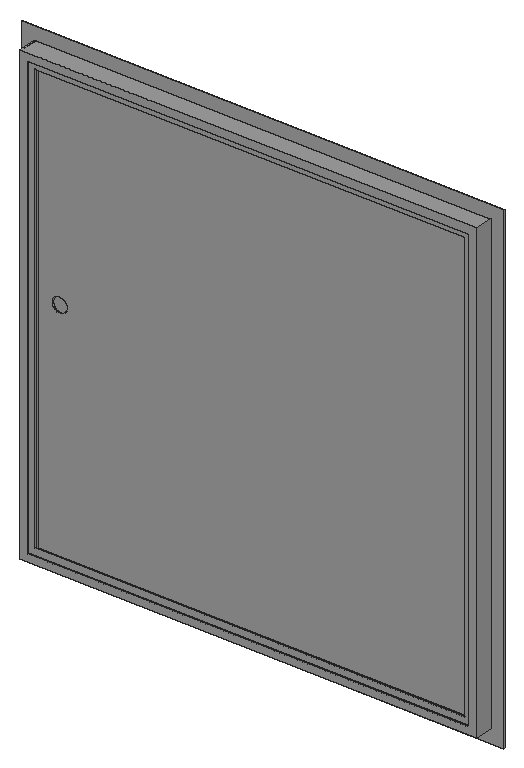
Revit family "Gorter-U_0800-0800", category Generic Models, host Wall, Revit 2017
Family settings
  Host = Wall
  Can host rebar = No
  Round Connector Dimension = Use Diameter
  Part Type = Normal
  Always vertical = Yes
  Cut with Voids When Loaded = No
  Shared = Yes
  Room Calculation Point = No
Parameters (values of type "U-0800-0800")
  wandluik = KTL behandeld staal - RAL9010
  frame = KTL behandeld staal - RAL9010
  draairichting plattegrond = yes
  draairichting aanzicht = yes
  afstand tot wand = 2 mm
  Weight (kg) = 12
  URL = "https://www.gortergroup.com/nl/producten/wandluiken-en-plafondluiken/u-universeel.html#specificaties"
  Sparingsmaat B = B + 27 mm  # 827 mm
  Sparingsmaat A = A + 27 mm  # 827 mm
  Model = "Wandluik universeel"
  Bevestiging = "voorgeboorde bevestigingsgaten"
  B = 800 mm
  A = 800 mm
Types (6, lengths in mm): name | Weight (kg) | Sparingsmaat B | Sparingsmaat A | B | A
  U-0250-0250 | 2 | 277 | 277 | 250 | 250
  U-0400-0400 | 4 | 427 | 427 | 400 | 400
  U-0500-0500 | 6 | 527 | 527 | 500 | 500
  U-0600-0600 | 8 | 627 | 627 | 600 | 600
  U-0600-0800 | 10 | 827 | 627 | 800 | 600
  U-0800-0800 | 12 | 827 | 827 | 800 | 800
Reference planes
  plane 1 "Wall": y = 0
  plane 2 "Center (Left/Right)": x = 125
  plane 3 "Back": y = 75
  plane 4: x = -312
  plane 5: x = 562
  plane 6: z = 887
  plane 7: z = 13
  plane 8: x = 525
  plane 9: z = 850
  plane 10: x = -275
  plane 11: z = 50
  plane 12 "voorkant": y = 77
  plane 13: x = 534.5
  plane 14: z = 2397.5
  plane 15: x = -284
  plane 16: z = 41
  plane 17: z = 859
  plane 18: y = 75.5
  plane 19: z = 450
  plane 20: x = -149
  plane 21: x = -242.5
  plane 22: y = 80
Forms (mm)
  Extrusion 1, void
    sketch origin (0, 0, 0) x (1, 0, 0) y (0, 0, 1)
      loop
        line (538.5, 863.5) -> (-288.5, 863.5) -> (-288.5, 36.5) -> (538.5, 36.5) -> (538.5, 863.5)
    from -75 to 75
  Sweep 2, solid, material "KTL behandeld staal - RAL9010" <- "frame"
    path origin (0, 77, 0) x (-1, 0, 0) y (0, 0, 1)
      loop
        line (-525, 850) -> (-525, 50) -> (275, 50) -> (275, 850) -> (-525, 850)
    profile "U_randprofiel : U_randprofiel" origin (125, 77, 850) x (0, 0, 1) y (0, 1, 0)
      loop
        line (13.5, -1.5) -> (37, -1.5) -> (37, 0) -> (12, 0) -> (12, -33.5) -> (0, -33.5) -> (0, -35) -> (13.5, -35) -> (13.5, -1.5)
  Sweep 3, solid, material "KTL behandeld staal - RAL9010" <- "wandluik"
    path origin (0, 77, 0) x (-1, 0, 0) y (0, 0, 1)
      loop
        line (-534.5, 859) -> (-534.5, 41) -> (284, 41) -> (284, 859) -> (-534.5, 859)
    profile "U_deurprofiel : U_deurprofiel" origin (125.25, 77, 859) x (0, 0, 1) y (0, 1, 0)
      loop
        line (-1.5, -1.5) -> (-1.5, -29.5) -> (-20, -29.5) -> (-20, -31) -> (0, -31) -> (0, 0) -> (-20, 0) -> (-20, -1.5) -> (-1.5, -1.5)
  Extrusion 4, solid, material "KTL behandeld staal - RAL9010" <- "wandluik"
    sketch origin (0, 0, 0) x (1, 0, 0) y (0, 0, 1)
      loop
        line (514.5, 839) -> (-264, 839) -> (-264, 61) -> (514.5, 61) -> (514.5, 839)
      loop
        circle (-242.5, 450) r 13.5
    from -77 to -75.5
  Extrusion 5, solid, material "KTL behandeld staal - RAL9010" <- "wandluik"
    sketch origin (0, 77, 0) x (-1, 0, 0) y (0, 0, 1)
      loop
        circle (242.5, 450) r 13.5
    from 0 to 3
Cuts and joins
  joined: Sweep 3, Extrusion 4, Extrusion 5
Lines and regions (mm)
  model lines, visible <- "draairichting aanzicht"
    curve 1: line (534.5, 77, 859) -> (-284, 77, 450)
    curve 2: line (-284, 77, 450) -> (534.5, 77, 41)
  model lines, visible <- "draairichting plattegrond"
    curve 3: line (534.5, 77, 38) -> (-229.171, 281.625, 38)
    curve 4: line (-284, 77, 38) -> (-229.171, 281.625, 38)
Text (mm)
  text "Placement Side" at (-1848.837, 1116.779, 0), in view "Ref. Level"
  text "Placement side" at (0, 1409.804, 2854.306), in view "Left"
  text "Placement side" at (0, 499.811, 2980.732), in view "Right"
Dimensions and locks
  locked: plane 3 "Back" to host wall
  "A": plane 10 to plane 8
  locked: plane 8 to plane 5 at 37
  locked: plane 10 to plane 4 at 37
  equal spacing: plane 8, plane 2 "Center (Left/Right)", plane 10
  "B": plane 11 to plane 9
  locked: plane 9 to plane 6 at 37
  locked: plane 7 to plane 11 at 37
  plane 15 to plane 13 = 818.5 mm
  locked: plane 10 to plane 15 at 9
  Sweep 2 to Sweep 2 = 25 mm
  locked: plane 8 to plane 13 at 9.5
  locked: plane 16 to plane 11 at 9
  locked: plane 9 to plane 17 at 9
  locked: plane 12 "voorkant" to plane 18 at 1.5
  "afstand tot wand": plane 12 "voorkant" to plane 3 "Back"
  Sweep 2 to Sweep 2 = 874 mm
  locked: plane 8 to Extrusion 1 sketch curve at 13.5
  locked: plane 10 to Extrusion 1 sketch curve at 13.5
  locked: plane 9 to Extrusion 1 sketch curve at 13.5
  locked: Extrusion 1 sketch curve to plane 11 at 13.5
  plane 4 to plane 5 = 874 mm
  plane 7 to plane 6 = 874 mm
  equal spacing: plane 7, plane 19, plane 6
  Extrusion 4 sketch curve to plane 19 to Extrusion 4 sketch curve = 13.5 mm locked, 13.5 mm locked
  locked: plane 4 to plane 21 at 69.5
  locked: Extrusion 4 sketch curve to Extrusion 4 sketch curve at 21.5
  locked: plane 22 to plane 12 "voorkant" at 3
  locked: curve 3 to plane 12 "voorkant" (angle 15.00°)
  locked: plane 12 "voorkant" to curve 4 (angle 75.00°)
  aligned and locked: plane 1 "Wall" to host wall
  aligned and locked: host wall to Extrusion 1  (x2)
  aligned and locked: plane 9 to Sweep 2 sketch curve
  aligned and locked: Sweep 2 sketch curve to plane 10
  aligned and locked: plane 8 to Sweep 2 sketch curve
  aligned and locked: plane 11 to Sweep 2 sketch curve
  aligned and locked: plane 17 to Sweep 3 sketch curve
  aligned and locked: Sweep 3 sketch curve to plane 13
  aligned and locked: Sweep 3 sketch curve to plane 16
  aligned and locked: Sweep 3 sketch curve to plane 15
  aligned and locked: Extrusion 4 sketch curve to Sweep 3  (x3)
  aligned and locked: plane 12 "voorkant" to Extrusion 4
  aligned and locked: Extrusion 4 to plane 18
  aligned and locked: plane 13 to curve 2
  aligned and locked: plane 16 to curve 2
  aligned and locked: plane 19 to curve 2
  aligned and locked: plane 15 to curve 2
  aligned and locked: plane 13 to curve 1
  aligned and locked: plane 17 to curve 1
  aligned and locked: plane 12 "voorkant" to curve 2  (x2)
  aligned and locked: plane 15 to curve 1
  aligned and locked: plane 13 to curve 3
  aligned and locked: plane 12 "voorkant" to curve 3
  aligned and locked: plane 15 to curve 4
  aligned and locked: plane 12 "voorkant" to curve 4
  aligned and locked: Extrusion 5 sketch curve to cut or joined group of Sweep 3, Extrusion 4, Extrusion 5
  aligned and locked: plane 22 to Extrusion 5
Automatic sketch dimensions
  plane 10 to Extrusion 4 sketch curve = 11 mm
  Extrusion 5 sketch curve to plane 19 = 0 mm  (x2)
